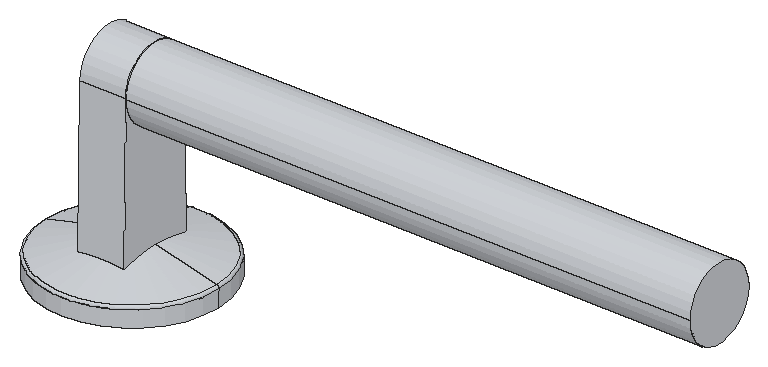
Revit family "Accessory-Towel_Bar-KOHLER-Components-K-78377", category Specialty Equipment, host Face, Revit 2015
Parameters (values of type "CP-Polished Chrome")
  Width = 2 3/8"  # constant formula
  URL = "https://www.us.kohler.com/us/"
  Type = 1
  Product Page URL = "http://www.us.kohler.com/us/catalog/productDetails.jsp?productNumber=78377"
  Product Name = "Components"  # constant formula
  Product Documentation Link = "http://www.us.kohler.com/onlinecatalog/pdf/K-78377_spec.pdf"
  Model = if(Type = 1, "K-78377-CP", if(Type = 2, "K-78377-BN", if(Type = 3, "K-78377-BL", if(Type = 4, "K-78377-TT", "NA"))))  # "K-78377-CP"
  Material = "Premium Metal Construction"  # constant formula
  MasterFormat 2004 = "10.28.13"  # constant formula
  MasterFormat 1995 = "10820"  # constant formula
  Manufacturer Address = "444 Highland Dr, Kohler, WI 53044"  # constant formula
  Manufacturer = "KOHLER Co."  # constant formula
  Length = 8"  # constant formula
  Height = 2 15/16"  # constant formula
  Finish = Kohler-Metal-CP-Polished_Chrome
  Environmental Product Declaration = ""
  Description = "Hand Towel Arm"  # constant formula
  Default Elevation = 42"
  Declare Label = ""
  Date Modified = "07/10/2018"  # constant formula
  Date Created = "07/10/2018"  # constant formula
  Copyright = "Copyright KOHLER Co."  # constant formula
  Contact Us = "https://www.us.kohler.com/us/static/contact.jsp"
  Assembly Code = "C1030200"
  ADA Compliant = 1 = 0  # no
Types (4): name | Type | Model | Finish
  (no name) | 1 | "K-78377-CP" | Kohler-Metal-CP-Polished_Chrome
  CP-Polished Chrome | 1 | "K-78377-CP" | Kohler-Metal-CP-Polished_Chrome
  BL-Matte Black | 3 | "K-78377-BL" | Kohler-Metal-BL-Matte_Black
  TT-Titanium | 4 | "K-78377-TT" | Kohler-Metal-TT-Vibrant_Titanium
Reference planes (in)
  plane 1 "Center (Front/Back)": y = 0
  plane 2: z = 0
  plane 3 "Center (Left/Right)": x = 0
  plane 4: z = 2.9375
  plane 5: y = 1.1875
  plane 6: y = -1.1875
  plane 7: x = 8
Dimensions and locks (in)
  "Height": plane 4 to level
  equal spacing: plane 5, plane 1 "Center (Front/Back)", plane 6
  "Width": plane 5 to plane 6
  "Length": plane 7 to plane 3 "Center (Left/Right)"
  aligned and locked: plane 2 to host face
  aligned and locked: level to host face
Automatic sketch dimensions
  host sketch curve to host sketch curve = 96"  (x2)
Nested families (in)
  nested 1: "K-78377" at (4, 0, 0), type "K-78377"
Definition of nested family "K-78377"
  Parameters (values of type "K-78377")
    Material = none
    Length = 8"
  Reference planes (in)
    plane 1 "Center (Front/Back)": y = 0
    plane 2: z = 0
    plane 3 "Center (Left/Right)": x = 0
    plane 4: x = -4
    plane 5: x = 4
    plane 6: y = 1.1875
    plane 7: z = 2.9375
    plane 8: y = -1.1875
  Forms (in)
    Revolve 1, solid, material <- "Material", detail levels medium+fine
      sketch origin (0, 0, 0) x (1, 0, 0) y (0, 0, 1)
        loop
          line (-5.1875, 0) -> (-4, 0) -> (-4, 0.54137) -> (-5.15723, 0.26168)
          arc (-5.15723, 0.26168) -> (-5.17902, 0.24769) -> (-5.1875, 0.22322) r 0.03957
          line (-5.1875, 0.22322) -> (-5.1875, 0)
        axis (-4, 0.54137) -> (-4, 0)
      angle from 0 to 360
    Extrusion 2, solid, material <- "Material"
      sketch origin (0, 0, 0) x (0, 1, 0) y (0, 0, -1)
        loop
          line (0.49314, -2.45313) -> (0.53038, -0.31966) -> (-0.53038, -0.31966) -> (-0.49314, -2.45313)
          arc (-0.49314, -2.45313) -> (0, -2.93774) -> (0.49314, -2.45313) r 0.49321
      from 3.69094 to 4.30906
    Extrusion 3, solid, material <- "Material"
      sketch origin (0, 0, 0) x (0, 1, 0) y (0, 0, 1)
        loop
          circle (0, 2.44452) r 0.49321
      from -3.69094 to 4
    Extrusion 4, solid, material <- "Material", detail levels coarse
      sketch origin (0, 0, 0) x (1, 0, 0) y (0, 1, 0)
        loop
          circle (-4, 0) r 1.1875
      from 0 to 0.44658
  Lines and regions (in)
    Masking region 1
      outline origin (0, 0, 0) x (0, 1, 0) y (0, 0, 1)
        loop
          line (0.52873, 0.41382) -> (0.49313, 2.4538)
          arc (0.49313, 2.4538) -> (0, 2.93839) -> (-0.49313, 2.4538) r 0.4932
          line (-0.49313, 2.4538) -> (-0.52873, 0.41382) -> (-1.15899, 0.26168)
          arc (-1.15899, 0.26168) -> (-1.17952, 0.24851) -> (-1.1875, 0.22546) r 0.03726
          line (-1.1875, 0.22546) -> (-1.1875, 0) -> (1.1875, 0) -> (1.1875, 0.22546)
          arc (1.1875, 0.22546) -> (1.17952, 0.24851) -> (1.15899, 0.26168) r 0.03726
          line (1.15899, 0.26168) -> (0.52873, 0.41382)
    Masking region 2
      outline origin (0, 0, 0) x (1, 0, 0) y (0, 0, 1)
        loop
          line (-5.1875, 0) -> (-2.8125, 0) -> (-2.8125, 0.22322)
          arc (-2.8125, 0.22322) -> (-2.82098, 0.24769) -> (-2.84277, 0.26168) r 0.03957
          line (-2.84277, 0.26168) -> (-3.69094, 0.46667) -> (-3.69094, 1.95131) -> (4, 1.95131) -> (4, 2.9375) -> (-4.30906, 2.9375) -> (-4.30906, 0.46667) -> (-5.15723, 0.26168)
          arc (-5.15723, 0.26168) -> (-5.17902, 0.24769) -> (-5.1875, 0.22322) r 0.03957
          line (-5.1875, 0.22322) -> (-5.1875, 0)
    Masking region 3
      outline origin (0, 0, 0) x (1, 0, 0) y (0, 1, 0)
        loop
          line (-2.91977, -0.49321) -> (4, -0.49321) -> (4, 0.49314) -> (-2.91974, 0.49314)
          arc (-2.91974, 0.49314) -> (-5.1875, 0.00004) -> (-2.91977, -0.49321) r 1.1875
    symbolic lines, detail levels medium+fine
      curve 1: arc (0, 0, 0.46667) -> (0, 0.26632, 0.44279) -> (0, 0.52909, 0.39328) r 2.76424
      curve 2: line (0, 0.52909, 0.39328) -> (0, 0.5284, 0.43278)
      curve 3: line (0, -0.52909, 0.39328) -> (0, -0.5284, 0.43278)
      curve 4: arc (0, -0.52909, 0.39328) -> (0, -0.26632, 0.44279) -> (0, 0, 0.46667) r 2.76424
      curve 5: line (-3.69094, 0, 1.95131) -> (-3.69094, 0, 2.45313)
      curve 6: line (-4.30906, 0, 0.46667) -> (-3.69094, 0, 0.46667)
      curve 7: line (-4.30906, 0.53038, 0) -> (-4.30906, -0.53038, 0)
      curve 8: line (-3.69094, -0.53038, 0) -> (-3.69094, 0.53038, 0)
      curve 9: line (-4.30906, 0.53038, 0) -> (-3.69094, 0.53038, 0)
      curve 10: line (-3.69094, -0.53038, 0) -> (-4.30906, -0.53038, 0)
      curve 11: line (-2.91974, 0.49314, 0) -> (-3.69094, 0.49314, 0)
      curve 12: line (-2.91977, -0.49321, 0) -> (-3.69094, -0.49321, 0)
      curve 13: line (-3.30906, 0, 2.9375) -> (-3.30906, 0, 1.95131)
  Dimensions and locks (in)
    equal spacing: plane 4, plane 3 "Center (Left/Right)", plane 5
    "Length": plane 4 to plane 5
    locked: Revolve 1 sketch curve to plane 4 at 1.1875
    plane 7 to level = 2 15/16"
    equal spacing: Masking region 2 sketch curve, plane 4, Masking region 2 sketch curve
    locked: Masking region 2 sketch curve to Masking region 2 sketch curve at 2.375
    aligned and locked: plane 2 to level
    aligned and locked: Revolve 1 sketch curve to plane 4
    aligned and locked: plane 4 to Revolve 1 sketch curve
    aligned and locked: Extrusion 3 to Extrusion 2
    aligned and locked: Masking region 2 to curve 5
    aligned and locked: curve 6 to Masking region 2
    aligned and locked: curve 11 to Masking region 3
    aligned and locked: curve 12 to Masking region 3
    aligned and locked: Extrusion 4 sketch curve to Masking region 3
    aligned and locked: plane 5 to Extrusion 3
  Automatic sketch dimensions
    Extrusion 2 sketch curve to plane 1 "Center (Front/Back)" = 0"
    plane 1 "Center (Front/Back)" to Extrusion 2 sketch curve = 0.49314"
    plane 1 "Center (Front/Back)" to Extrusion 2 sketch curve = 0.53038"
    Extrusion 2 sketch curve to plane 7 = 31/64"
    Extrusion 2 sketch curve to plane 1 "Center (Front/Back)" = 0.49314"
    Extrusion 2 sketch curve to plane 1 "Center (Front/Back)" = 0.53038"
    Extrusion 2 sketch curve to plane 7 = 0.49298"
    level to Extrusion 2 sketch curve = 0.31966"
    Masking region 1 sketch curve to level = 0"
    Masking region 1 sketch curve to plane 8 = 0"
    Masking region 1 sketch curve to plane 1 "Center (Front/Back)" = 0"
    Masking region 1 sketch curve to plane 6 = 0"
    Masking region 1 sketch curve to plane 8 = 0.02851"
    Masking region 1 sketch curve to Masking region 1 sketch curve = 0.00874"
    plane 1 "Center (Front/Back)" to Masking region 1 sketch curve = 0.52873"
    plane 1 "Center (Front/Back)" to Masking region 1 sketch curve = 0.49313"
    Masking region 1 sketch curve to plane 7 = 0.4837"
    Masking region 1 sketch curve to plane 1 "Center (Front/Back)" = 0.49313"
    Masking region 1 sketch curve to plane 1 "Center (Front/Back)" = 0.52873"
    Masking region 1 sketch curve to Masking region 1 sketch curve = 0.03726"
    Masking region 1 sketch curve to plane 6 = 0.02851"
    level to Masking region 1 sketch curve = 0.22546"  (x2)
    level to Masking region 1 sketch curve = 0.41382"  (x2)
    Masking region 1 sketch curve to plane 7 = 0.49231"
    curve 1 to plane 1 "Center (Front/Back)" = 0"
    plane 1 "Center (Front/Back)" to curve 1 = 0.1135"
    curve 2 to plane 1 "Center (Front/Back)" = 0.52909"
    curve 1 to level = 2.29523"
    level to curve 2 = 0.39328"
    curve 3 to curve 3 = 0.00069"
    curve 2 to curve 2 = 0.00069"
    level to curve 3 = 0.39328"
    curve 2 to curve 2 = 0.0395"
    curve 3 to curve 3 = 0.0395"
    plane 1 "Center (Front/Back)" to curve 3 = 0.5284"
    curve 4 to plane 1 "Center (Front/Back)" = 0.1135"
    Revolve 1 sketch curve to level = 0"  (x2)
    level to Revolve 1 sketch curve = 0.26168"
    Revolve 1 sketch curve to Revolve 1 sketch curve = 0.03027"
    Revolve 1 sketch curve to Revolve 1 sketch curve = 0.0093"
    level to Revolve 1 sketch curve = 0.54137"
    Revolve 1 sketch curve to Revolve 1 sketch curve = 0.35774"
    curve 13 to plane 7 = 0"
    curve 6 to plane 4 = 0.30906"
    plane 4 to curve 6 = 0.30906"
    curve 13 to plane 7 = 0.98619"
    curve 5 to curve 13 = 0"
    curve 5 to plane 7 = 31/64"
    curve 8 to curve 12 = 0.03716"
    curve 11 to curve 8 = 0.03724"
    Masking region 2 sketch curve to level = 0"
    level to Masking region 2 sketch curve = 0.26168"  (x2)
    Masking region 2 sketch curve to Masking region 2 sketch curve = 0.03027"
    Masking region 2 sketch curve to Masking region 2 sketch curve = 0.0093"  (x2)
    Masking region 2 sketch curve to Masking region 2 sketch curve = 0.03957"
    level to Masking region 2 sketch curve = 0.46667"  (x2)
    Masking region 2 sketch curve to plane 7 = 0"
    Masking region 2 sketch curve to plane 7 = 0.98619"
    Masking region 2 sketch curve to plane 5 = 0"
    curve 8 to plane 4 = 0.30906"
    plane 4 to curve 9 = 0.30906"
    plane 1 "Center (Front/Back)" to curve 7 = 0.53038"
    curve 8 to plane 1 "Center (Front/Back)" = 0.53038"
    curve 5 to curve 13 = 0.38189"
    plane 4 to Masking region 2 sketch curve = 0.30906"
    Masking region 2 sketch curve to plane 4 = 0.30906"
    plane 1 "Center (Front/Back)" to Masking region 3 sketch curve = 0"
    Masking region 3 sketch curve to plane 4 = 0"
    plane 1 "Center (Front/Back)" to Masking region 3 sketch curve = 0.49321"
    Masking region 3 sketch curve to plane 4 = 1.08023"
    Masking region 3 sketch curve to plane 1 "Center (Front/Back)" = 0.49314"
    Masking region 3 sketch curve to plane 5 = 0"
